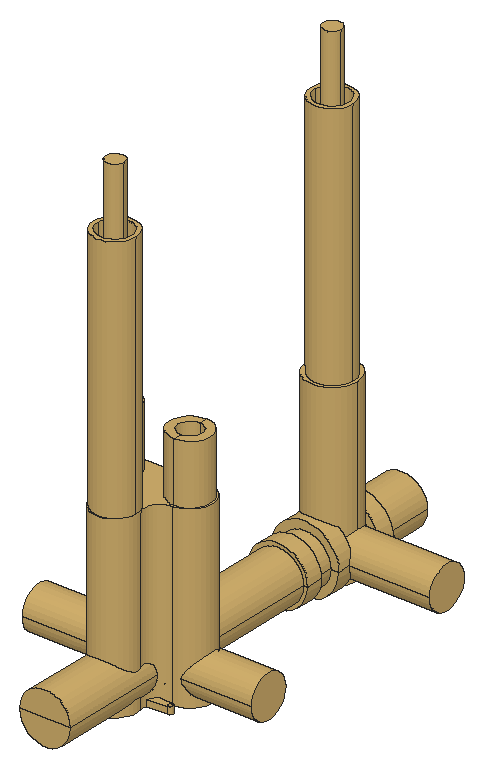
Revit family "Valve_Rough-Thermostatic-DXV-D3500552X_Series", category Plumbing Fixtures, host Face, Revit 2019
Family settings
  Host = Face
  Round Connector Dimension = Use Radius
  Part Type = Normal
  OmniClass Number = 23.45.05.14.17
  OmniClass Title = Showers
  Cut with Voids When Loaded = No
  Shared = Yes
  Room Calculation Point = No
Parameters (values of type "D35005522.191")
  Width = 5 7/8"
  Waste Connection = no
  WFU = 4
  Vent Connection = no
  URL = "www.dxv.com"
  Type Comments = "Discrete Functions"
  Product Page URL = "https://www.dxv.com/product/2-handle-thermostatic-rough-valve-with-2-way-diverter"
  Product Documentation Link = "https://dxv01.blob.core.windows.net/dxv-product-pdf-files/spec_D35005522_DXV_Modulus_2hand_thermo_rough_2way_diverter_EN.pdf"
  Price = "Prices may vary. Please consult Manufacturer Representative for most up-to-date price list."  # constant formula
  Model = "D35005522.191"
  Material = "Metal-DXV-Brass"
  Manufacturer = "DXV"
  Length = 1 3/4"
  Installation Type = "Wall Mounted"
  IAPMO Compliance = "Meets or Exceeds ASME A112.18.1/CSA B125.1/ASSE 1016"  # constant formula
  Hydronic Supply Width = 1 11/16"
  Hydronic Supply Radius = 1/4"
  Hydronic Supply Diameter = Hydronic Supply Radius * 2  # 1/2"
  Hot/Cold Water Connection to Wall Constraint = if([Hot/Cold Water Connection to Wall] < 3 11/16", 3 11/16", if([Hot/Cold Water Connection to Wall] > 5 1/16", 5 1/16", [Hot/Cold Water Connection to Wall]))  # 3 11/16"
  Hot/Cold Water Connection to Wall = 3 11/16"
  Height = 3 3/8"
  HWFU = 3
  HW Connection = yes
  Finish = Metal-DXV-Brass
  Description = "2-HANDLE THERMOSTATIC ROUGH VALVE WITH 2-WAY DIVERTER - DISCRETE FUNCTION"  # constant formula
  Default Elevation = 0"
  Creation Date = "07/29/2022"  # constant formula
  CalGreen Compliant = yes
  CWFU = 2
  CW Connection = yes
  CEC Compliant = yes
  Back to Finished Wall Constraint = if(Back to Finished Wall < 3", 3", if(Back to Finished Wall > 4 3/8", 4 3/8", Back to Finished Wall))  # 3"
  Back to Finished Wall = 3"
  Assembly Code = "D2010710"
Types (3): name | Type Comments | Model | Hot/Cold Water Connection to Wall | CalGreen Compliant | CEC Compliant
  (no name) | "Discrete Functions" | "D35005522.191" | 3 11/16" | yes | yes
  D35005522.191 | "Discrete Functions" | "D35005522.191" | 3 11/16" | yes | yes
  D35005522S.191 | "Shared Functions" | "D35005522S.191" | 0" | no | no
Reference planes (in)
  plane 1 "Center (Front/Back)": y = 0
  plane 2: z = 0
  plane 3 "Center (Left/Right)": x = 0
  plane 4: x = -1.6875
  plane 5: y = -0.71991
  plane 6: y = 3.28009
  plane 7: y = 2.78009
  plane 8: y = 3.78009
  plane 9: y = 3.03009
  plane 10: y = 3.53009
  plane 11: y = 2.53009
  plane 12: y = 2.28009
  plane 13: x = 1.6875
  plane 14: z = -4.1875
  plane 15: z = 0
  plane 16: z = -3.1875
  plane 17: z = 3.125
  plane 18: z = -0.5625
  plane 19: z = 2.20313
  plane 20: z = -1.4375
  plane 21: y = -0.71991
  plane 22: y = 1.28009
  plane 23: y = 4.56134
  plane 24: y = -2.00116
  plane 25: z = -3.6875
Forms (in)
  Extrusion 1, solid, material "Metal-DXV-Brass" <- "Finish"
    sketch origin (0, 0, 0) x (0, 1, 0) y (0, 0, 1)
      loop
        circle (0, -3.6875) r 0.25
      loop
        circle (0, -3.6875) r 0.3125
    from -1.6875 to 1.6875
  Extrusion 2, solid, material "Metal-DXV-Brass" <- "Finish"
    sketch origin (0, 0, -0.51392) x (1, 0, 0) y (0, 1, 0)
      loop
        arc (-0.31863, -0.64062) -> (0, -1.04825) -> (0.31863, -0.64062) r 0.32835
        arc (0.31863, -0.64062) -> (0.36041, -0.43135) -> (0.54851, -0.33058) r 0.25
        arc (0.54851, -0.33058) -> (0.86336, 0.00832) -> (0.53228, 0.33139) r 0.33118
        line (0.53228, 0.33139) -> (-0.54878, 0.33139)
        arc (-0.54878, 0.33139) -> (-0.87975, 0.00041) -> (-0.54878, -0.33056) r 0.33097
        arc (-0.54878, -0.33056) -> (-0.35571, -0.4277) -> (-0.31863, -0.64062) r 0.24044
      loop
        circle (0, 3.28009) r 0.37264
    from -3.54858 to -0.92358
  Extrusion 3, solid, material "Metal-DXV-Brass" <- "Finish"
    sketch origin (-3, 0, 0) x (0, 1, 0) y (0, 0, 1)
      loop
        circle (0, -3.6875) r 0.25
    from 1.3125 to 3
  Extrusion 4, solid, material "Metal-DXV-Brass" <- "Finish"
    sketch origin (3, 0, 0) x (0, 1, 0) y (0, 0, -1)
      loop
        circle (0, 3.6875) r 0.25
    from 1.3125 to 3
  Extrusion 5, solid, material "Metal-DXV-Brass" <- "Finish"
    sketch origin (0, -1.6875, 0) x (1, 0, 0) y (0, 0, 1)
      loop
        circle (0, -3.6875) r 0.25
    from -1.6875 to -0.1875
  Extrusion 6, solid, material "Metal-DXV-Brass" <- "Finish"
    sketch origin (0, 1.6875, 0) x (1, 0, 0) y (0, 0, -1)
      loop
        circle (0, 3.6875) r 0.25
    from -1.6875 to 2.87384
  Revolve 7, solid, material "Metal-DXV-Brass" <- "Finish"
    sketch origin (0, 0, -3.6875) x (0, -1, 0) y (1, 0, 0)
      loop
        line (-3.78009, 0.375) -> (-4.56134, 0.375) -> (-4.56134, 0) -> (2.00116, 0) -> (2.00116, 0.375) -> (-2.28009, 0.375) -> (-2.28009, 0.4375) -> (-2.53009, 0.4375) -> (-2.53009, 0.375) -> (-2.78009, 0.375) -> (-2.78009, 0.5) -> (-3.03009, 0.5) -> (-3.03009, 0.375) -> (-3.53009, 0.375) -> (-3.53009, 0.5) -> (-3.78009, 0.5) -> (-3.78009, 0.375)
      axis (-4.56134, 0) -> (2.00116, 0)
    angle from 0 to 360
  Extrusion 8, solid, material "Metal-DXV-Brass" <- "Finish"
    sketch origin (0, 0, 0) x (1, 0, 0) y (0, 1, 0)
      loop
        circle (0, 3.28009) r 0.25
      loop
        circle (0, 3.28009) r 0.31014
      loop
        circle (0, -0.71991) r 0.25
      loop
        circle (0, -0.71991) r 0.31014
    from -4.0625 to 2.20313
  Revolve 9, solid, material "Metal-DXV-Brass" <- "Finish"
    sketch origin (-0.53228, 0, 0) x (0, 1, 0) y (0, 0, 1)
      loop
        line (0.29972, -1.75) -> (0.29972, -0.5625) -> (0.17472, -0.5625) -> (0.17472, -1.75) -> (0.29972, -1.75)
      axis (0, -0.5625) -> (0, -1.75)
    angle from 0 to 360
  Revolve 10, solid, material "Metal-DXV-Brass" <- "Finish"
    sketch origin (0.53228, 0, 0) x (0, 1, 0) y (0, 0, -1)
      loop
        line (0.29972, 1.4375) -> (0.17472, 1.4375) -> (0.17472, 0.5625) -> (0.29972, 0.5625) -> (0.29972, 1.4375)
      axis (0, 0.5625) -> (0, 1.4375)
    angle from 0 to 360
  Extrusion 11, solid, material "Metal-DXV-Brass" <- "Finish"
    sketch origin (0, 0, 0) x (1, 0, 0) y (0, 1, 0)
      loop
        line (-0.32797, -0.54806) -> (0.32797, -0.54806) -> (0.62321, -0.52225)
        arc (0.62321, -0.52225) -> (0.66474, -0.47713) -> (0.62295, -0.43225) r 0.04513
        line (0.62295, -0.43225) -> (0.30907, -0.40592) -> (-0.30907, -0.40592) -> (-0.62295, -0.43225)
        arc (-0.62295, -0.43225) -> (-0.66474, -0.47713) -> (-0.62321, -0.52225) r 0.04513
        line (-0.62321, -0.52225) -> (-0.32797, -0.54806)
      loop
        circle (-0.61961, -0.47726) r 0.03121
      loop
        circle (0.61961, -0.47726) r 0.03125
    from -4.0625 to -3.97173
  Extrusion 12, solid, material "Metal-DXV-Brass" <- "Finish"
    sketch origin (0, 0, 0) x (1, 0, 0) y (0, 1, 0)
      loop
        circle (0, 3.28009) r 0.13362
      loop
        circle (0, -0.71991) r 0.13362
    from -4.0625 to 3.125
  Extrusion 13, solid, material "Metal-DXV-Brass" <- "Finish"
    sketch origin (0, 0, 0) x (0, 1, 0) y (0, 0, 1)
      loop
        circle (3.28009, -3.6875) r 0.3125
    from 0 to 1.6875
Cuts and joins
  joined: Extrusion 1, Extrusion 3, Extrusion 4, Extrusion 5, Extrusion 6, Revolve 7, Extrusion 8, Revolve 9, Revolve 10, Extrusion 11, Extrusion 12, Extrusion 13
Lines and regions (in)
  Masking region 1, detail levels medium+fine
    outline origin (0, 0, 0) x (1, 0, 0) y (0, 0, 1)
      loop
        line (-0.31014, -0.5625) -> (-0.83201, -0.5625) -> (-0.83201, -1.4375) -> (-0.87975, -1.4375) -> (-0.87975, -3.375) -> (-1.6875, -3.375) -> (-1.6875, -4) -> (-0.39031, -4)
        arc (-0.39031, -4) -> (0, -4.1875) -> (0.39031, -4) r 0.5
        line (0.39031, -4) -> (1.6875, -4) -> (1.6875, -3.375) -> (0.8633, -3.375) -> (0.8633, -1.4375) -> (0.83201, -1.4375) -> (0.83201, -0.5625) -> (0.31014, -0.5625) -> (0.31014, 0) -> (-0.31014, 0) -> (-0.31014, -0.5625)
  Masking region 2
    outline origin (0, 0, 0) x (1, 0, 0) y (0, 0, 1)
      loop
        line (0.31014, 0) -> (0.31014, 2.20313) -> (0.13362, 2.20313) -> (0.13362, 3.125) -> (-0.13362, 3.125) -> (-0.13362, 2.20313) -> (-0.31014, 2.20313) -> (-0.31014, 0) -> (0.31014, 0)
  symbolic lines
    curve 1: line (0.13241, 0, 2.20313) -> (-0.13325, 0, 2.20313)
Dimensions and locks (in)
  plane 4 to plane 3 "Center (Left/Right)" = 1 11/16"
  plane 12 to plane 11 to plane 7 to plane 9 to plane 6 to plane 10 to plane 8 = 1/4" locked, 1/4" locked, 1/4" locked, 1/4" locked, 1/4" locked, 1/4" locked
  plane 3 "Center (Left/Right)" to Revolve 7 sketch curve to Revolve 7 sketch curve to Revolve 7 sketch curve to Revolve 7 sketch curve to Revolve 7 sketch curve = 3/8" locked, 0" locked, 1/16" locked, 1/16" locked, 0" locked
  plane 5 to plane 6 = 4"
  locked: plane 17 to plane 18 at 3.6875
  locked: plane 19 to plane 17 at 0.92187
  plane 18 to plane 20 = 7/8"
  plane 14 to plane 25 to plane 16 = 1/2" locked, 1/2" locked
  plane 6 to plane 21 = 4"
  locked: plane 1 "Center (Front/Back)" to plane 21 at 0.71991
  equal spacing: plane 6, plane 22, plane 21
  plane 23 to plane 24 = 6 9/16"
  locked: plane 25 to plane 18 at 3.125
  "Hot/Cold Water Connection to Wall Constraint": plane 25 to plane 2
  aligned and locked: plane 2 to host face
  aligned and locked: Extrusion 8 to plane 19
  aligned and locked: plane 20 to Extrusion 2
  aligned and locked: plane 4 to Extrusion 3
  aligned and locked: plane 3 "Center (Left/Right)" to Extrusion 3
  aligned and locked: Extrusion 1 to Extrusion 4
  aligned and locked: plane 1 "Center (Front/Back)" to Extrusion 6
  aligned and locked: Extrusion 5 to plane 1 "Center (Front/Back)"
  aligned and locked: Extrusion 12 to plane 17
  aligned and locked: cut or joined group 1 (Extrusion 1, Extrusion 3, Extrusion 4, Extrusion 5, Extrusion 6, Revolve 7, Extrusion 8, Revolve 9, Revolve 10, Extrusion 11, Extrusion 12, Extrusion 13) to plane 18  (x2)
  aligned and locked: plane 18 to Masking region 1 sketch curve
  aligned and locked: plane 20 to Masking region 1 sketch curve
  aligned and locked: Masking region 1 sketch curve to plane 4
  aligned and locked: Masking region 1 sketch curve to cut or joined group 1
  aligned and locked: plane 6 to Extrusion 13 sketch curve
  aligned and locked: Masking region 1 sketch curve to host face
  aligned and locked: host face to Masking region 2 sketch curve
  aligned and locked: Masking region 2 sketch curve to Masking region 1
  aligned and locked: Masking region 1 to Masking region 2 sketch curve
  aligned and locked: Masking region 2 sketch curve to cut or joined group 1  (x5)
  aligned and locked: plane 24 to Revolve 7 sketch curve
  aligned and locked: Revolve 7 sketch curve to plane 23
  aligned and locked: Extrusion 6 to Revolve 7
  aligned and locked: plane 1 "Center (Front/Back)" to Extrusion 1 sketch curve  (x2)
  aligned and locked: plane 1 "Center (Front/Back)" to Extrusion 3 sketch curve
  aligned and locked: plane 1 "Center (Front/Back)" to Extrusion 4 sketch curve
  aligned and locked: plane 25 to cut or joined group 1
Automatic sketch dimensions
  host sketch curve to host sketch curve = 96"  (x2)
  Extrusion 5 sketch curve to plane 3 "Center (Left/Right)" = 0"
  Extrusion 6 sketch curve to plane 3 "Center (Left/Right)" = 0"
  Extrusion 8 sketch curve to Extrusion 8 sketch curve = 0"  (x4)
  Extrusion 8 sketch curve to plane 3 "Center (Left/Right)" = 0"  (x2)
  plane 5 to Extrusion 8 sketch curve = 0"
  plane 6 to Extrusion 8 sketch curve = 0"
  plane 1 "Center (Front/Back)" to Revolve 9 sketch curve = 0"
  plane 18 to Revolve 9 sketch curve = 0"
  Revolve 9 sketch curve to plane 1 "Center (Front/Back)" = 0.17472"
  Revolve 9 sketch curve to Revolve 9 sketch curve = 1/8"
  Revolve 9 sketch curve to plane 16 = 1 7/16"
  Revolve 9 sketch curve to plane 20 = 3/16"
  Revolve 9 sketch curve to Revolve 9 sketch curve = 0"
  Revolve 10 sketch curve to plane 1 "Center (Front/Back)" = 0"
  Revolve 10 sketch curve to plane 20 = 0"  (x2)
  plane 18 to Revolve 10 sketch curve = 0"  (x2)
  Revolve 10 sketch curve to Revolve 10 sketch curve = 0.17472"
  Revolve 10 sketch curve to Revolve 10 sketch curve = 1/8"
  Extrusion 11 sketch curve to Extrusion 11 sketch curve = 0"  (x4)
  Extrusion 11 sketch curve to plane 5 = 0.19766"  (x2)
  Extrusion 11 sketch curve to plane 3 "Center (Left/Right)" = 0.62321"
  Extrusion 11 sketch curve to plane 5 = 0.28765"  (x2)
  Extrusion 11 sketch curve to Extrusion 11 sketch curve = 0.00026"
  Extrusion 11 sketch curve to Extrusion 11 sketch curve = 0.00334"  (x2)
  Extrusion 11 sketch curve to Extrusion 11 sketch curve = 0.29524"
  Extrusion 11 sketch curve to Extrusion 11 sketch curve = 0.01891"  (x2)
  plane 3 "Center (Left/Right)" to Extrusion 11 sketch curve = 0.30907"
  Extrusion 11 sketch curve to Extrusion 11 sketch curve = 0.29164"
  Extrusion 11 sketch curve to Extrusion 11 sketch curve = 0.0036"
  Extrusion 11 sketch curve to plane 5 = 0.17184"
  Extrusion 11 sketch curve to Extrusion 11 sketch curve = 0.14214"
  Extrusion 12 sketch curve to plane 3 "Center (Left/Right)" = 0"  (x2)
  plane 5 to Extrusion 12 sketch curve = 0"
  plane 6 to Extrusion 12 sketch curve = 0"
  curve 1 to plane 19 = 0"
  curve 1 to plane 3 "Center (Left/Right)" = 0.13325"
  plane 3 "Center (Left/Right)" to curve 1 = 0.13241"
  Masking region 1 sketch curve to plane 3 "Center (Left/Right)" = 0"
  Masking region 1 sketch curve to plane 18 = 0"
  Masking region 1 sketch curve to plane 20 = 0"
  Masking region 1 sketch curve to plane 13 = 0"
  plane 16 to Masking region 1 sketch curve = 3/16"  (x2)
  Masking region 1 sketch curve to plane 4 = 0.80775"
  Masking region 1 sketch curve to Masking region 1 sketch curve = 0.04774"
  plane 14 to Masking region 1 sketch curve = 3/16"  (x2)
  Masking region 1 sketch curve to plane 3 "Center (Left/Right)" = 0.39031"
  Masking region 1 sketch curve to Masking region 1 sketch curve = 0.52187"
  Masking region 1 sketch curve to Masking region 1 sketch curve = 0.03129"
  plane 3 "Center (Left/Right)" to Masking region 1 sketch curve = 0.31014"
  Revolve 7 sketch curve to plane 3 "Center (Left/Right)" = 0"  (x2)
  plane 8 to Revolve 7 sketch curve = 0"  (x2)
  plane 10 to Revolve 7 sketch curve = 0"
  plane 9 to Revolve 7 sketch curve = 0"
  plane 7 to Revolve 7 sketch curve = 0"
  plane 11 to Revolve 7 sketch curve = 0"
  plane 12 to Revolve 7 sketch curve = 0"
  Revolve 7 sketch curve to Revolve 7 sketch curve = 3/8"  (x2)
  Revolve 7 sketch curve to Revolve 7 sketch curve = 1/32"
  plane 6 to Extrusion 2 sketch curve = 0"
  Extrusion 2 sketch curve to plane 3 "Center (Left/Right)" = 0"  (x2)
  plane 5 to Extrusion 2 sketch curve = 0"
  Extrusion 2 sketch curve to plane 1 "Center (Front/Back)" = 0.00021"
  plane 3 "Center (Left/Right)" to Extrusion 2 sketch curve = 0.53228"
  Extrusion 2 sketch curve to plane 5 = 0.13965"
  Extrusion 2 sketch curve to plane 5 = 0.1489"
  Extrusion 2 sketch curve to plane 1 "Center (Front/Back)" = 0.00041"
  Extrusion 2 sketch curve to Extrusion 2 sketch curve = 0.33097"
  Extrusion 2 sketch curve to plane 5 = 0.07929"  (x2)
  Extrusion 2 sketch curve to Extrusion 2 sketch curve = 0.23014"
  Extrusion 2 sketch curve to Extrusion 2 sketch curve = 0.37264"
  Extrusion 2 sketch curve to Extrusion 2 sketch curve = 0"
  Extrusion 2 sketch curve to Extrusion 2 sketch curve = 0.01272"
  Extrusion 1 sketch curve to Extrusion 1 sketch curve = 0"  (x2)
  plane 14 to Extrusion 1 sketch curve = 1/2"
  plane 14 to Extrusion 3 sketch curve = 1/2"
  plane 14 to Extrusion 4 sketch curve = 1/2"
  plane 14 to Extrusion 5 sketch curve = 1/2"
  plane 14 to Extrusion 6 sketch curve = 1/2"
  Masking region 1 sketch curve to Masking region 1 sketch curve = 5/16"
  plane 14 to Extrusion 13 sketch curve = 1/2"
  radius of Extrusion 1 sketch curve = 1/4"
  radius of Extrusion 1 sketch curve = 5/16"
  radius of Extrusion 3 sketch curve = 1/4"
  radius of Extrusion 4 sketch curve = 1/4"
  radius of Extrusion 5 sketch curve = 1/4"
  radius of Extrusion 6 sketch curve = 1/4"
  radius of Extrusion 8 sketch curve = 1/4"  (x2)
  radius of Extrusion 8 sketch curve = 0.31014"  (x2)
  radius of Extrusion 11 sketch curve = 0.03121"
  radius of Extrusion 11 sketch curve = 1/32"
  radius of Extrusion 12 sketch curve = 0.13362"  (x2)
  radius of Extrusion 13 sketch curve = 5/16"
Connectors (in)
  piping at (1.6875, 0, -3.6875), diameter 0.5, driven by "Hydronic Supply Radius"
    settings: on Extrusion 4, index 1, connector inside diameter 1/2", connector length 0", flow factor 0, pipe flow 0 GPM, pressure drop 0.00 psi, fitting loss kfactor 0, connector angle 0.00°, fixture units 3, engagement length 0", angle of deflection 0.00°, flow configuration 3, flow direction 1, fitting loss method 0, system type 7, joint type 0, gender type 0, connector reference index -1, connector utility 0, adjustable connector no, is connector primary yes, connector description "1/2\" NPT CW Inlet Connection"
  piping at (-1.6875, 0, -3.6875), diameter 0.5, driven by "Hydronic Supply Radius"
    settings: on Extrusion 3, index 3, connector inside diameter 1/2", connector length 0", flow factor 0, pipe flow 0 GPM, pressure drop 0.00 psi, fitting loss kfactor 0, connector angle 0.00°, fixture units 3, engagement length 0", angle of deflection 0.00°, flow configuration 3, flow direction 1, fitting loss method 0, system type 7, joint type 0, gender type 0, connector reference index -1, connector utility 0, adjustable connector no, is connector primary no, connector description "1/2\" NPT HW Inlet Connection"
  piping at (1.6875, 3.28009, -3.6875), diameter 0.5, driven by "Hydronic Supply Radius"
    settings: on cut or joined group 1, index 5, connector inside diameter 24", connector length 0", flow factor 0, pipe flow 0 GPM, pressure drop 0.00 psi, fitting loss kfactor 0, connector angle 0.00°, fixture units 0, engagement length 0", angle of deflection 0.00°, flow configuration 0, flow direction 2, fitting loss method 0, system type 29, joint type 0, gender type 0, connector reference index -1, connector utility 0, adjustable connector no, is connector primary no, connector description "1/2\" NPT Outlet Connection B"
  piping at (0, -2.00116, -3.6875), diameter 0.5, driven by "Hydronic Supply Radius"
    settings: on cut or joined group 1, index 6, connector inside diameter 24", connector length 0", flow factor 0, pipe flow 0 GPM, pressure drop 0.00 psi, fitting loss kfactor 0, connector angle 0.00°, fixture units 0, engagement length 0", angle of deflection 0.00°, flow configuration 0, flow direction 2, fitting loss method 0, system type 29, joint type 0, gender type 0, connector reference index -1, connector utility 0, adjustable connector no, is connector primary no, connector description "1/2\" NPT Outlet Connection C"
  piping at (0, 4.56134, -3.6875), diameter 0.5, driven by "Hydronic Supply Radius"
    settings: on cut or joined group 1, index 7, connector inside diameter 24", connector length 0", flow factor 0, pipe flow 0 GPM, pressure drop 0.00 psi, fitting loss kfactor 0, connector angle 0.00°, fixture units 0, engagement length 0", angle of deflection 0.00°, flow configuration 0, flow direction 2, fitting loss method 0, system type 7, joint type 0, gender type 0, connector reference index -1, connector utility 0, adjustable connector no, is connector primary no, connector description "1/2\" NPT Outlet Connection A"
